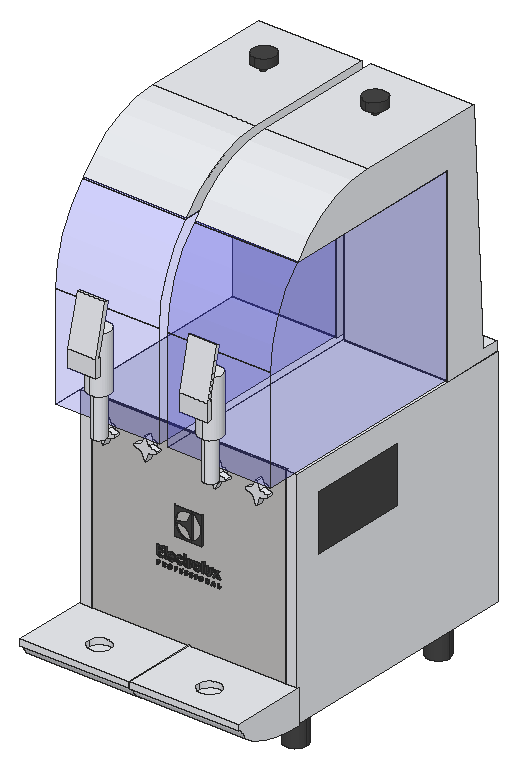
Revit family "QF_ELECTROLUXPROFESSIONAL_562511_IPRO2ELR290", category Attrezzature speciali, Revit 2020
Family settings
  Quota connettore circolare = Usa diametro
  Tipo di parte = Normale
  Basato su piano di lavoro = No
  Sempre verticale = Sì
  Taglio con vuoti quando caricato = No
  Condiviso = No
  Punto di calcolo locali = No
Parameters (values of type "Standard")
  Weight = 60.00 kg
  Watts = 750 W
  Volts = 220 V
  URL Manufacturer = "https://www.electroluxprofessional.com/"
  URL = "https://www.electroluxprofessional.com/"
  Steam Supply Size = 0 mm
  Steam Supply Minimum Pressure = 0.0 Pa
  Steam Supply Maximum Pressure = 0.0 Pa
  Steam Consumption per Hour = 0
  Show Logo [instance] = yes
  Show Clearance [instance] = yes
  Refrigeration Suction Line Size = 0 mm
  Refrigeration Liquid Line Size = 0 mm
  Refrigerant Compressor Remote = yes
  Prospetto di default = 0 mm
  Produttore = "Electrolux Professional"
  Phase = 1
  Modello = "IPRO2ELR290"
  Length Actual = 400 mm  # constant formula
  Item Number = "562511"
  Hot Water Size = 0 mm
  Height Actual = 870 mm  # constant formula
  HP = "1 HP"
  Gas Size = 0 mm
  Gas KW = 0
  Gas Input Pressure = 0 W
  Direct Waste Size = 0 mm
  Descrizione = "2X11 LT BOWL - FROZEN GRANITA DISPENSER - ELECTRONIC CONTROL - 2 INSULATED BOWLS & LIGHTED PANEL - WHITE, R290"
  Depth Actual = 580 mm  # constant formula
  Cycle = 50 Hz
  Condensate Return Size = 0 mm
  Compressed Air Volume = 0.0 L/s
  Compressed Air Size = 0 mm
  Compressed Air Pressure = 0.0 Pa
  Cold Water Size = 0 mm
  Accessory = yes
Reference planes
  plane 1: z = 0
  plane 2 "LEFT": x = -300
  plane 3 "BACK": y = 282.5
  plane 4 "FRONT": y = -301.5
  plane 5: z = 873
  plane 6 "RIGHT": x = 95
  plane 7: x = -102.5
  plane 8: y = -282.5
  plane 9: x = -202.5
  plane 10: x = -2.5
  plane 11: z = 445
  plane 12: z = 677.97
  plane 13: z = 110
  plane 14: z = 900
  plane 15: through (60, -104.25, 3830) normal (-0.7071, -0.7071, 0)
  plane 16: through (60, -84.25, 3830) normal (0.7071, -0.7071, 0)
Forms (mm)
  Extrusion 1, solid, material "QF_Finishes_White"
    sketch origin (0, 0, 0) x (1, 0, 0) y (0, 1, 0)
      loop
        line (-296.5, 282.5) -> (-296.5, -167.5) -> (-276.5, -167.5) -> (-276.5, -162.5) -> (71.5, -162.5) -> (71.5, -167.5) -> (91.5, -167.5) -> (91.5, 282.5) -> (-296.5, 282.5)
    from 50 to 453
  Extrusion 2, solid, material "QF_Finishes_Stainless Steel"
    sketch origin (0, 0, 0) x (1, 0, 0) y (0, 1, 0)
      loop
        line (71, -163) -> (-276, -163) -> (-276, -167.5) -> (71, -167.5) -> (71, -163)
    from 110 to 453
  Extrusion 3, solid, material "QF_Finishes_Stainless Steel"
    sketch origin (-367.596, -267.273, 48) x (0, -1, 0) y (1, 0, 0)
      loop
        line (-163.023, 407.596) -> (-163.023, 427.596) -> (-183.023, 427.596) -> (-183.023, 407.596) -> (-163.023, 407.596)
    from 0 to 2
Dimensions and locks
  plane 3 "BACK" to plane 4 "FRONT" = 584 mm  (x3)
  plane 5 to level = 873 mm  (x2)
  plane 2 "LEFT" to plane 6 "RIGHT" = 395 mm
  equal spacing: plane 2 "LEFT", plane 7, plane 6 "RIGHT"
  plane 3 "BACK" to plane 8 = 565 mm
  plane 10 to plane 9 = 200 mm
  plane 12 to plane 11 = 232.97 mm
  level to plane 14 = 900 mm
  plane 13 to level = 110 mm
  plane 11 to plane 13 = 335 mm
  plane 6 "RIGHT" to plane 2 "LEFT" = 395 mm
  aligned and locked: level to plane 1
Automatic sketch dimensions
  Extrusion 1 sketch curve to plane 3 "BACK" = 0 mm
  plane 2 "LEFT" to Extrusion 1 sketch curve = 3.5 mm
  Extrusion 1 sketch curve to Extrusion 1 sketch curve = 20 mm
  Extrusion 1 sketch curve to plane 6 "RIGHT" = 23.5 mm
  Extrusion 1 sketch curve to plane 6 "RIGHT" = 3.5 mm
  Extrusion 1 sketch curve to plane 8 = 120 mm
  Extrusion 1 sketch curve to Extrusion 1 sketch curve = 5 mm  (x2)
  plane 2 "LEFT" to Extrusion 2 sketch curve = 24 mm
  Extrusion 2 sketch curve to plane 6 "RIGHT" = 24 mm
  Extrusion 2 sketch curve to plane 8 = 115 mm
  Extrusion 2 sketch curve to Extrusion 2 sketch curve = 4.5 mm
  Extrusion 3 sketch curve to plane 15 = 0 mm
  plane 16 to Extrusion 3 sketch curve = 0 mm
  Extrusion 3 sketch curve to plane 16 = 0 mm
  plane 10 to Extrusion 3 sketch curve = 42.5 mm
Nested families
  nested 1: "BOCCHETTONE BEVERAGE" at (-202.5, -260.625, 445), type "BOCCHETTONE BEVERAGE"
  nested 2: "BOCCHETTONE BEVERAGE" at (-2.5, -260.625, 445), type "BOCCHETTONE BEVERAGE"
  nested 3: "MANOPOLA BEVERAGE" at (-240, -167.5, 413) x (0, 0, 1) z (0, -1, 0), type "MANOPOLA BEVERAGE"
  nested 4: "MANOPOLA BEVERAGE" at (-165, -167.5, 413) x (0, 0, 1) z (0, -1, 0), type "MANOPOLA BEVERAGE"
  nested 5: "MANOPOLA BEVERAGE" at (35, -167.5, 413) x (0, 0, 1) z (0, -1, 0), type "MANOPOLA BEVERAGE"
  nested 6: "MANOPOLA BEVERAGE" at (-40, -167.5, 413) x (0, 0, 1) z (0, -1, 0), type "MANOPOLA BEVERAGE"
  nested 7: "MANOPOLA APERTURA BEVERAGE " at (-202.5, 125, 873) x (0, 1, 0) z (0, 0, 1), type "MANOPOLA APERTURA BEVERAGE "
  nested 8: "MANOPOLA APERTURA BEVERAGE " at (-2.5, 125, 873) x (0, 1, 0) z (0, 0, 1), type "MANOPOLA APERTURA BEVERAGE "
  nested 9: "ELXP_LOGO_ONLY_MEDIUM" at (-102.5, -167.5, 303) x (1, 0, 0) z (0, -1, 0), Show Logo <- "Show Logo", visible <- "Show Logo", type "ELXP_LOGO_ONLY_MEDIUM"
    with Show Logo yes
  nested 10: "ELX_LOGO_WORDS_MEDIUM" at (-102.5, -167.5, 238) x (1, 0, 0) z (0, -1, 0), visible <- "Show Logo", Show Logo <- "Show Logo", type "ELX_LOGO_WORDS_MEDIUM"
    with Show Logo yes
  nested 11: "VASCHETTA BEVERAGE" at (-201.25, -167.5, 80) x (1, 0, 0) z (0, -1, 0), type "VASCHETTA BEVERAGE"
  nested 12: "VASCHETTA BEVERAGE" at (-3.75, -167.5, 80) x (-1, 0, 0) z (0, -1, 0), type "VASCHETTA BEVERAGE"
  nested 13: "PORTAGRANITE BEVERAGE" at (-202.5, 28.972, 453), type "PORTAGRANITE BEVERAGE"
  nested 14: "PORTAGRANITE BEVERAGE" at (-2.5, 28.972, 453) x (-1, 0, 0) z (0, 0, 1), type "PORTAGRANITE BEVERAGE"
  nested 15: "Piedino 50x40 BEVERAGE" at (-268.5, 184.5, 0), type "Piedino 50x40 BEVERAGE"
    with H 150 mm
  nested 16: "Piedino 50x40 BEVERAGE" at (-268.5, -135.5, 0), type "Piedino 50x40 BEVERAGE"
    with H 150 mm
  nested 17: "Piedino 50x40 BEVERAGE" at (63.5, 184.5, 0) x (-1, 0, 0) z (0, 0, 1), type "Piedino 50x40 BEVERAGE"
    with H 150 mm
  nested 18: "Piedino 50x40 BEVERAGE" at (63.5, -135.5, 0) x (-1, 0, 0) z (0, 0, 1), type "Piedino 50x40 BEVERAGE"
    with H 150 mm
  nested 19: "SCHERMO BEVERAGE" at (91.5, -33, 355) x (0, -1, 0) z (1, 0, 0), type "SCHERMO BEVERAGE"
    with Show Logo yes
Connectors
  electrical at (50, -94.25, 48), driven by "Volts"
    settings: on Extrusion 3, index 72, voltage 220 V, apparent load 0 VA, apparent load phase1 0 VA, apparent load phase2 0 VA, apparent load phase3 0 VA, power factor 1, load classification "Altro", number of poles 1, system type 30, power factor state 1, is connector primary yes, connector utility no, sub classification motor no, connector description "Electrical Connection"
Definition of nested family "BOCCHETTONE BEVERAGE"
  Parameters (values of type "BOCCHETTONE BEVERAGE")
    Default Elevation = 1219.2 mm
  Reference planes
    plane 1 "Centro (Fronte/Retro)": y = 0
    plane 2: z = 0
    plane 3 "Centro (Sinistra/Destra)": x = 0
    plane 4: z = 233
    plane 5: y = -22
  Forms (mm)
    Extrusion 1, solid
      sketch origin (0, 0, 0) x (1, 0, 0) y (0, 1, 0)
        loop
          line (-1219.2, 1219.2) -> (-1219.2, -1219.2) -> (1219.2, -1219.2) -> (1219.2, 1219.2) -> (-1219.2, 1219.2)
      from 0 to -304.8
    Extrusion 2, solid
      sketch origin (0, 15.961, 0) x (0, -1, 0) y (1, 0, 0)
        loop
          circle (0, 0) r 12
      from 0 to 75
    Extrusion 3, solid
      sketch origin (0, 15.961, 75) x (0, -1, 0) y (1, 0, 0)
        loop
          circle (0, 0) r 20
      from 0 to 100
    Extrusion 4, void
      sketch origin (0, 0, 0) x (1, 0, 0) y (0, 1, 0)
        loop
          line (-27.179, -16.141) -> (-21.226, -10.188) -> (-6.226, -10.188) -> (-6.226, 12.684) -> (-27.179, 12.684) -> (-27.179, -16.141)
        loop
          line (27.179, -16.141) -> (27.179, 12.684) -> (6.226, 12.684) -> (6.226, -10.188) -> (21.226, -10.188) -> (27.179, -16.141)
      from 104.337 to 159.894
    Extrusion 5, solid
      sketch origin (25, 15.961, 29.221) x (0, -1, 0) y (0, 0, 1)
        loop
          line (11.922, 118.779) -> (11.922, 88.779) -> (37.961, 88.779) -> (37.961, 119.393) -> (16.929, 203.749) -> (12.077, 202.539) -> (32.961, 118.779) -> (11.922, 118.779)
      from 0 to 50
  Cuts and joins
    Extrusion 4 cuts Extrusion 5
    joined: Extrusion 3, Extrusion 5
  Dimensions and locks
    Extrusion 1 to plane 4 = 233 mm
    aligned and locked: plane 2 to Extrusion 1
    aligned and locked: level to Extrusion 1
Definition of nested family "MANOPOLA BEVERAGE"
  Parameters (values of type "MANOPOLA BEVERAGE")
    Default Elevation = 1219.2 mm
  Reference planes
    plane 1 "Centro (Fronte/Retro)": y = 0
    plane 2: z = 0
    plane 3 "Centro (Sinistra/Destra)": x = 0
    plane 4: z = 20
  Forms (mm)
    Extrusion 1, solid
      sketch origin (0, 0, 0) x (1, 0, 0) y (0, 1, 0)
        loop
          line (-1219.2, 1219.2) -> (-1219.2, -1219.2) -> (1219.2, -1219.2) -> (1219.2, 1219.2) -> (-1219.2, 1219.2)
      from 0 to -304.8
    Extrusion 2, solid
      sketch origin (0, 0, 10) x (1, 0, 0) y (0, 1, 0)
        loop
          line (-20, -1.333) -> (-6.314, -6.314) -> (-1.333, -20) -> (1.333, -20) -> (6.314, -6.314) -> (20, -1.333) -> (20, 1.333) -> (6.314, 6.314) -> (1.333, 20) -> (-1.333, 20) -> (-6.314, 6.314) -> (-20, 1.333) -> (-20, -1.333)
      from 0 to 10
    Extrusion 3, solid
      sketch origin (0, 0, 0) x (1, 0, 0) y (0, 1, 0)
        loop
          circle (0, 0) r 5
      from 0 to 10
  Dimensions and locks
    aligned and locked: plane 2 to Extrusion 1
    aligned and locked: level to Extrusion 1
Definition of nested family "MANOPOLA APERTURA BEVERAGE "
  Parameters (values of type "MANOPOLA APERTURA BEVERAGE ")
    Default Elevation = 1219.2 mm
  Reference planes
    plane 1 "Centro (Fronte/Retro)": y = 0
    plane 2: z = 0
    plane 3 "Centro (Sinistra/Destra)": x = 0
    plane 4: z = 27
  Forms (mm)
    Extrusion 1, solid
      sketch origin (0, 0, 0) x (1, 0, 0) y (0, 1, 0)
        loop
          line (-1219.2, 1219.2) -> (-1219.2, -1219.2) -> (1219.2, -1219.2) -> (1219.2, 1219.2) -> (-1219.2, 1219.2)
      from 0 to -304.8
    Extrusion 2, solid
      sketch origin (0, 0, 0) x (1, 0, 0) y (0, 1, 0)
        loop
          circle (0, 0) r 5
      from 0 to 12
    Extrusion 3, solid
      sketch origin (0, 0, 12) x (1, 0, 0) y (0, 1, 0)
        loop
          circle (0, 0) r 20
      from 0 to 15
  Dimensions and locks
    Extrusion 1 to plane 4 = 27 mm
    aligned and locked: plane 2 to Extrusion 1
    aligned and locked: level to Extrusion 1
Definition of nested family "ELXP_LOGO_ONLY_MEDIUM"
  Parameters (values of type "ELXP_LOGO_ONLY_MEDIUM")
    Show Logo [instance] = yes
    Default Elevation = 0 mm
  Reference planes
    plane 1 "Centro (Fronte/Retro)": y = 0
    plane 2: z = 0
    plane 3 "Centro (Sinistra/Destra)": x = 0
  Forms (mm)
    Extrusion 1, solid
      sketch origin (0, 0, 0) x (1, 0, 0) y (0, 1, 0)
        loop
          line (-1219.2, 1219.2) -> (-1219.2, -1219.2) -> (1219.2, -1219.2) -> (1219.2, 1219.2) -> (-1219.2, 1219.2)
      from 0 to -304.8
    Extrusion 2, solid, visible <- "Show Logo"
      sketch origin (15.862, -72.798, 0) x (1, 0, 0) y (0, 1, 0)
        loop
          line (-40.901, 47.952) -> (9.138, 47.952) -> (9.138, 97.923) -> (-40.901, 97.923) -> (-40.901, 47.952)
        loop
          line (-9.2, 95.47) -> (-9.2, 50.507)
          arc (-9.2, 50.507) -> (7.421, 72.988) -> (-9.2, 95.47) r 23.515
        loop
          line (-11.486, 92.214) -> (-11.486, 95.47)
          arc (-11.486, 95.47) -> (-30.185, 91.22) -> (-39.194, 74.292) r 23.044
          line (-39.194, 74.292) -> (-31.756, 74.292)
          arc (-31.756, 74.292) -> (-18.467, 79.686) -> (-11.486, 92.214) r 21.599
        loop
          arc (-39.194, 71.685) -> (-30.2, 54.618) -> (-11.486, 49.93) r 23.647
          line (-11.486, 49.93) -> (-11.486, 53.763)
          arc (-11.486, 53.763) -> (-18.467, 66.291) -> (-31.756, 71.685) r 21.599
          line (-31.756, 71.685) -> (-39.194, 71.685)
      from 0 to 1.644
  Dimensions and locks
    aligned and locked: plane 2 to Extrusion 1
    aligned and locked: level to Extrusion 1
Definition of nested family "ELX_LOGO_WORDS_MEDIUM"
  Parameters (values of type "ELX_LOGO_WORDS_MEDIUM")
    Show Logo [instance] = yes
    Default Elevation = 0 mm
  Reference planes
    plane 1 "Centro (Fronte/Retro)": y = 0
    plane 2: z = 0
    plane 3 "Centro (Sinistra/Destra)": x = 0
  Forms (mm)
    Extrusion 1, solid
      sketch origin (0, 0, 0) x (1, 0, 0) y (0, 1, 0)
        loop
          line (-1219.2, 1219.2) -> (-1219.2, -1219.2) -> (1219.2, -1219.2) -> (1219.2, 1219.2) -> (-1219.2, 1219.2)
      from 0 to -304.8
    Extrusion 2, solid, visible <- "Show Logo"
      sketch origin (0, 0, 0) x (1, 0, 0) y (0, 1, 0)
        loop
          line (-45.351, 15.842) -> (-56.505, 15.842) -> (-56.505, 2.853)
          arc (-56.505, 2.853) -> (-55.037, -0.691) -> (-51.493, -2.159) r 5.012
          line (-51.493, -2.159) -> (-45.135, -2.159) -> (-45.135, 0.755) -> (-50.767, 0.755)
          arc (-50.767, 0.755) -> (-52.618, 1.38) -> (-53.406, 3.168) r 2.423
          line (-53.406, 3.168) -> (-53.406, 5.743) -> (-45.833, 5.743) -> (-45.833, 8.668) -> (-53.406, 8.668) -> (-53.406, 12.925) -> (-45.351, 12.925) -> (-45.351, 15.842)
        loop
          line (-42.933, 15.842) -> (-42.933, -2.159) -> (-39.832, -2.159) -> (-39.832, 15.842) -> (-42.933, 15.842)
        loop
          line (24.405, 15.842) -> (24.405, -2.159) -> (27.508, -2.159) -> (27.508, 15.842) -> (24.405, 15.842)
        loop
          line (-34.705, 3.589) -> (-24.531, 3.589)
          arc (-24.531, 3.589) -> (-26.123, 9.178) -> (-31.565, 11.217) r 6.447
          arc (-31.565, 11.217) -> (-36.358, 8.786) -> (-37.726, 3.589) r 6.56
          arc (-37.726, 3.589) -> (-35.926, -0.757) -> (-31.58, -2.557) r 6.146
          arc (-31.58, -2.557) -> (-28.198, -2.058) -> (-25.362, -0.149) r 7.726
          line (-25.362, -0.149) -> (-27.199, 1.688)
          arc (-27.199, 1.688) -> (-29.61, 0.242) -> (-32.411, 0.485) r 4.558
          arc (-32.411, 0.485) -> (-34.119, 1.622) -> (-34.705, 3.589) r 3.019
        loop
          line (-34.628, 5.769) -> (-27.646, 5.769)
          arc (-27.646, 5.769) -> (-28.626, 7.83) -> (-30.779, 8.59) r 2.974
          arc (-30.779, 8.59) -> (-33.263, 7.943) -> (-34.628, 5.769) r 3.481
        loop
          line (-12.445, 7.067) -> (-10.499, 9.013)
          arc (-10.499, 9.013) -> (-12.94, 10.78) -> (-15.907, 11.309) r 6.746
          arc (-15.907, 11.309) -> (-20.432, 9.655) -> (-22.806, 5.463) r 6.977
          arc (-22.806, 5.463) -> (-18.803, -1.885) -> (-10.608, -0.191) r 7.026
          line (-10.608, -0.191) -> (-12.544, 1.745)
          arc (-12.544, 1.745) -> (-16.723, 0.362) -> (-19.717, 3.589) r 4.071
          arc (-19.717, 3.589) -> (-19.509, 6.14) -> (-17.752, 8.002) r 3.867
          arc (-17.752, 8.002) -> (-14.941, 8.431) -> (-12.445, 7.067) r 4.442
        loop
          line (-8.594, 15.842) -> (-8.594, 3.541)
          arc (-8.594, 3.541) -> (-8.326, 1.695) -> (-7.635, -0.038) r 7.951
          arc (-7.635, -0.038) -> (-5.422, -1.797) -> (-2.62, -2.167) r 5.297
          line (-2.62, -2.167) -> (-2.62, 0.738)
          arc (-2.62, 0.738) -> (-3.453, 0.802) -> (-4.23, 1.109) r 2.792
          arc (-4.23, 1.109) -> (-5.227, 2.163) -> (-5.494, 3.589) r 2.57
          line (-5.494, 3.589) -> (-5.494, 8.043) -> (-2.678, 8.043) -> (-2.678, 10.86) -> (-5.494, 10.86) -> (-5.494, 15.842) -> (-8.594, 15.842)
        loop
          arc (3.006, 4.684) -> (3.228, 5.982) -> (3.868, 7.133) r 3.911
          arc (3.868, 7.133) -> (5.725, 8.086) -> (7.812, 8.043) r 4.26
          line (7.812, 8.043) -> (7.812, 11.023)
          arc (7.812, 11.023) -> (5.085, 10.766) -> (3.006, 8.983) r 4.524
          line (3.006, 8.983) -> (3.006, 10.86) -> (-0.069, 10.86) -> (-0.069, -2.159) -> (3.006, -2.159) -> (3.006, 4.684)
        loop
          circle (15.393, 4.348) r 6.899
        loop
          circle (15.393, 4.348) r 4.181
        loop
          arc (38.69, 3.262) -> (37.924, 1.158) -> (35.848, 0.319) r 2.752
          arc (35.848, 0.319) -> (33.771, 1.158) -> (33.005, 3.262) r 2.752
          line (33.005, 3.262) -> (33.005, 10.859) -> (29.879, 10.859) -> (29.879, 3.004)
          arc (29.879, 3.004) -> (31.658, -1.052) -> (35.848, -2.489) r 5.512
          arc (35.848, -2.489) -> (40.084, -1.008) -> (41.815, 3.132) r 5.512
          line (41.815, 3.132) -> (41.815, 10.859) -> (38.69, 10.859) -> (38.69, 3.262)
        loop
          line (43.689, 10.859) -> (48.192, 4.746) -> (43.245, -2.164) -> (46.578, -2.164) -> (49.861, 2.422) -> (53.193, -2.164) -> (56.505, -2.164) -> (51.629, 4.817) -> (56.087, 10.859) -> (52.703, 10.859) -> (49.851, 6.995) -> (47.043, 10.859) -> (43.689, 10.859)
        loop
          line (-53.813, -9.621) -> (-56.285, -9.621) -> (-56.285, -15.847) -> (-54.932, -15.847) -> (-54.932, -13.703) -> (-53.437, -13.703)
          arc (-53.437, -13.703) -> (-51.764, -11.49) -> (-53.813, -9.621) r 2.058
        loop
          arc (-53.496, -12.48) -> (-52.984, -11.679) -> (-53.496, -10.879) r 0.881
          line (-53.496, -10.879) -> (-54.932, -10.879) -> (-54.932, -12.48) -> (-53.496, -12.48)
        loop
          line (-44.045, -9.621) -> (-46.56, -9.621) -> (-46.56, -15.847) -> (-45.207, -15.847) -> (-45.207, -13.703) -> (-43.898, -13.703) -> (-43.003, -15.847) -> (-41.55, -15.847) -> (-42.774, -13.222)
          arc (-42.774, -13.222) -> (-42.188, -12.521) -> (-41.991, -11.628) r 1.922
          arc (-41.991, -11.628) -> (-42.609, -10.206) -> (-44.045, -9.621) r 2.055
        loop
          line (-45.207, -10.879) -> (-45.207, -12.48) -> (-43.771, -12.48)
          arc (-43.771, -12.48) -> (-43.258, -11.679) -> (-43.771, -10.879) r 0.881
          line (-43.771, -10.879) -> (-45.207, -10.879)
        loop
          circle (-33.602, -12.734) r 3.233
        loop
          circle (-33.602, -12.734) r 2.052
        loop
          line (-25.054, -9.622) -> (-25.054, -15.847) -> (-23.734, -15.847) -> (-23.734, -13.671) -> (-21.392, -13.671) -> (-21.392, -12.276) -> (-23.734, -12.276) -> (-23.734, -10.963) -> (-21.167, -10.963) -> (-21.167, -9.622) -> (-25.054, -9.622)
        loop
          line (-15.917, -9.622) -> (-15.917, -13.825)
          arc (-15.917, -13.825) -> (-15.343, -15.249) -> (-13.926, -15.842) r 1.991
          line (-13.926, -15.842) -> (-11.917, -15.842) -> (-11.917, -14.666) -> (-13.806, -14.666)
          arc (-13.806, -14.666) -> (-14.501, -14.091) -> (-14.638, -13.198) r 1.267
          line (-14.638, -13.198) -> (-12.15, -13.198) -> (-12.15, -12.023) -> (-14.638, -12.023) -> (-14.638, -10.797) -> (-11.977, -10.797) -> (-11.977, -9.622) -> (-15.917, -9.622)
        loop
          arc (6.626, -10.41) -> (5.801, -9.733) -> (4.757, -9.518) r 2.228
          arc (4.757, -9.518) -> (3.792, -9.755) -> (2.999, -10.352) r 2.468
          arc (2.999, -10.352) -> (2.853, -11.766) -> (3.765, -12.856) r 1.825
          arc (3.765, -12.856) -> (4.531, -13.112) -> (5.259, -13.464) r 6.301
          arc (5.259, -13.464) -> (5.719, -14.005) -> (5.402, -14.641) r 0.645
          arc (5.402, -14.641) -> (4.814, -14.78) -> (4.228, -14.631) r 1.269
          arc (4.228, -14.631) -> (3.722, -14.266) -> (3.412, -13.725) r 1.474
          line (3.412, -13.725) -> (2.324, -14.233)
          arc (2.324, -14.233) -> (2.716, -14.99) -> (3.348, -15.561) r 2.393
          arc (3.348, -15.561) -> (4.065, -15.867) -> (4.841, -15.945) r 2.579
          arc (4.841, -15.945) -> (5.8, -15.754) -> (6.664, -15.295) r 3.369
          arc (6.664, -15.295) -> (7.045, -14.28) -> (6.848, -13.214) r 2.023
          arc (6.848, -13.214) -> (6.423, -12.723) -> (5.879, -12.368) r 2.346
          arc (5.879, -12.368) -> (5.19, -12.061) -> (4.485, -11.796) r 12.353
          arc (4.485, -11.796) -> (4.077, -11.162) -> (4.666, -10.692) r 0.562
          arc (4.666, -10.692) -> (5.372, -10.862) -> (5.915, -11.344) r 1.497
          line (5.915, -11.344) -> (6.626, -10.41)
        loop
          line (12.337, -9.622) -> (12.337, -15.842) -> (13.616, -15.842) -> (13.616, -9.622) -> (12.337, -9.622)
        loop
          circle (22.24, -12.732) r 1.935
        loop
          circle (22.24, -12.732) r 3.231
        loop
          line (30.821, -15.842) -> (32.114, -15.842) -> (32.114, -11.931) -> (34.96, -15.842) -> (36.203, -15.842) -> (36.203, -9.622) -> (34.911, -9.622) -> (34.911, -13.651) -> (32.065, -9.622) -> (30.821, -9.622) -> (30.821, -15.842)
        loop
          line (42.652, -15.842) -> (43.258, -14.5) -> (45.559, -14.5) -> (46.165, -15.842) -> (47.54, -15.842) -> (44.912, -9.622) -> (43.712, -9.622) -> (41.279, -15.842) -> (42.652, -15.842)
        loop
          line (44.985, -13.224) -> (44.369, -11.857) -> (43.77, -13.224) -> (44.985, -13.224)
        loop
          line (53.893, -14.666) -> (53.893, -9.622) -> (52.614, -9.622) -> (52.614, -15.842) -> (56.285, -15.842) -> (56.285, -14.666) -> (53.893, -14.666)
        loop
          arc (-2.701, -10.41) -> (-3.525, -9.733) -> (-4.57, -9.518) r 2.228
          arc (-4.57, -9.518) -> (-5.534, -9.755) -> (-6.327, -10.352) r 2.468
          arc (-6.327, -10.352) -> (-6.473, -11.766) -> (-5.562, -12.856) r 1.825
          arc (-5.562, -12.856) -> (-4.795, -13.112) -> (-4.067, -13.464) r 6.301
          arc (-4.067, -13.464) -> (-3.608, -14.005) -> (-3.924, -14.641) r 0.645
          arc (-3.924, -14.641) -> (-4.512, -14.78) -> (-5.098, -14.631) r 1.269
          arc (-5.098, -14.631) -> (-5.604, -14.266) -> (-5.914, -13.725) r 1.474
          line (-5.914, -13.725) -> (-7.002, -14.233)
          arc (-7.002, -14.233) -> (-6.61, -14.99) -> (-5.978, -15.561) r 2.393
          arc (-5.978, -15.561) -> (-5.261, -15.867) -> (-4.485, -15.945) r 2.579
          arc (-4.485, -15.945) -> (-3.526, -15.754) -> (-2.663, -15.295) r 3.369
          arc (-2.663, -15.295) -> (-2.281, -14.28) -> (-2.478, -13.214) r 2.023
          arc (-2.478, -13.214) -> (-2.903, -12.723) -> (-3.448, -12.368) r 2.346
          arc (-3.448, -12.368) -> (-4.136, -12.061) -> (-4.842, -11.796) r 12.353
          arc (-4.842, -11.796) -> (-5.249, -11.162) -> (-4.66, -10.692) r 0.562
          arc (-4.66, -10.692) -> (-3.954, -10.862) -> (-3.412, -11.344) r 1.497
          line (-3.412, -11.344) -> (-2.701, -10.41)
      from 0 to 1.644
  Dimensions and locks
    aligned and locked: plane 2 to Extrusion 1
    aligned and locked: level to Extrusion 1
Definition of nested family "VASCHETTA BEVERAGE"
  Parameters (values of type "VASCHETTA BEVERAGE")
    Default Elevation = 1219.2 mm
  Reference planes
    plane 1 "Centro (Fronte/Retro)": y = 0
    plane 2: z = 0
    plane 3 "Centro (Sinistra/Destra)": x = 0
  Forms (mm)
    Extrusion 1, solid
      sketch origin (0, 0, 0) x (1, 0, 0) y (0, 1, 0)
        loop
          line (-1219.2, 1219.2) -> (-1219.2, -1219.2) -> (1219.2, -1219.2) -> (1219.2, 1219.2) -> (-1219.2, 1219.2)
      from 0 to -304.8
    Extrusion 2, solid
      sketch origin (-97.5, -80, -167.5) x (0, 0, -1) y (0, 1, 0)
        loop
          line (-167.5, 110) -> (-301.5, 110) -> (-301.5, 100) -> (-296.403, 100)
          spline (-296.403, 100) -> (-294.717, 93.399) -> (-290.961, 86.937) -> (-285.195, 80.722) -> (-277.513, 74.853) -> (-268.041, 69.426) -> (-256.932, 64.529) -> (-244.367, 60.243) -> (-230.551, 56.637) -> (-215.709, 53.769) -> (-200.082, 51.686) -> (-183.925, 50.423) -> (-167.5, 50)
          line (-167.5, 50) -> (-167.5, 110)
      from 0 to 195
    Extrusion 3, void
      sketch origin (202.5, -80, -167.5) x (1, 0, 0) y (0, 0, -1)
        loop
          circle (-202.5, -244.664) r 20
      from 100 to 110
  Cuts and joins
    Extrusion 3 cuts Extrusion 2
  Dimensions and locks
    aligned and locked: plane 2 to Extrusion 1
    aligned and locked: level to Extrusion 1
Definition of nested family "PORTAGRANITE BEVERAGE"
  Parameters (values of type "PORTAGRANITE BEVERAGE")
    Default Elevation = 1219.2 mm
  Reference planes
    plane 1 "Centro (Fronte/Retro)": y = 0
    plane 2: z = 0
    plane 3 "Centro (Sinistra/Destra)": x = 0
    plane 4: z = 233
    plane 5: y = -36.472
    plane 6: z = 338
  Forms (mm)
    Extrusion 1, solid
      sketch origin (0, 0, 0) x (1, 0, 0) y (0, 1, 0)
        loop
          line (-1219.2, 1219.2) -> (-1219.2, -1219.2) -> (1219.2, -1219.2) -> (1219.2, 1219.2) -> (-1219.2, 1219.2)
      from 0 to -304.8
    Extrusion 2, solid
      sketch origin (-92.5, -28.972, -376) x (0, 1, 0) y (0, 0, 1)
        loop
          line (172.5, 716) -> (172.5, 376) -> (282.5, 376) -> (282.5, 393) -> (251.241, 393) -> (230.12, 796) -> (-7.5, 796)
          arc (-7.5, 796) -> (-94.678, 774.819) -> (-162.419, 716) r 190
          line (-162.419, 716) -> (172.5, 716)
      from 0 to 185
    Extrusion 3, solid
      sketch origin (-100, -28.972, -376) x (0, 1, 0) y (0, 0, 1)
        loop
          line (170.5, 378) -> (170.5, 714) -> (-164.355, 714)
          arc (-164.355, 714) -> (-209.023, 644.734) -> (-224.664, 563.812) r 217.164
          line (-224.664, 563.812) -> (-224.664, 378) -> (170.5, 378)
      from 7.5 to 192.5
  Dimensions and locks
    Extrusion 1 to plane 4 = 233 mm
    aligned and locked: plane 2 to Extrusion 1
    aligned and locked: level to Extrusion 1
Definition of nested family "Piedino 50x40 BEVERAGE"
  Parameters (values of type "Piedino 50x40 BEVERAGE")
    Default Elevation = 0 mm
    H [instance] = 150 mm
  Reference planes
    plane 1 "Centro (Fronte/Retro)": y = 0
    plane 2: z = 0
    plane 3 "Centro (Sinistra/Destra)": x = 0
  Forms (mm)
    Revolve 1, solid
      sketch origin (55, 0, 0) x (-1, 0, 0) y (0, 0, -1)
        loop
          line (55, 0) -> (35, 0) -> (35, -50) -> (55, -50) -> (55, 0)
        axis (55, 0) -> (55, -50)
      angle from 0 to 360
  Dimensions and locks
    aligned and locked: level to plane 2
Definition of nested family "SCHERMO BEVERAGE"
  Parameters (values of type "SCHERMO BEVERAGE")
    Show Logo [instance] = yes
    Default Elevation = 1219.2 mm
  Reference planes
    plane 1 "Centro (Fronte/Retro)": y = 0
    plane 2: z = 0
    plane 3 "Centro (Sinistra/Destra)": x = 0
  Forms (mm)
    Extrusion 1, solid
      sketch origin (0, 0, 0) x (1, 0, 0) y (0, 1, 0)
        loop
          line (-1219.2, 1219.2) -> (-1219.2, -1219.2) -> (1219.2, -1219.2) -> (1219.2, 1219.2) -> (-1219.2, 1219.2)
      from 0 to -304.8
    Extrusion 2, solid
      sketch origin (118.389, -572.596, 0) x (-1, 0, 0) y (0, -1, 0)
        loop
          line (205.889, -622.596) -> (205.889, -522.596) -> (30.889, -522.596) -> (30.889, -622.596) -> (205.889, -622.596)
      from 0 to 1
  Dimensions and locks
    aligned and locked: plane 2 to Extrusion 1
    aligned and locked: level to Extrusion 1
